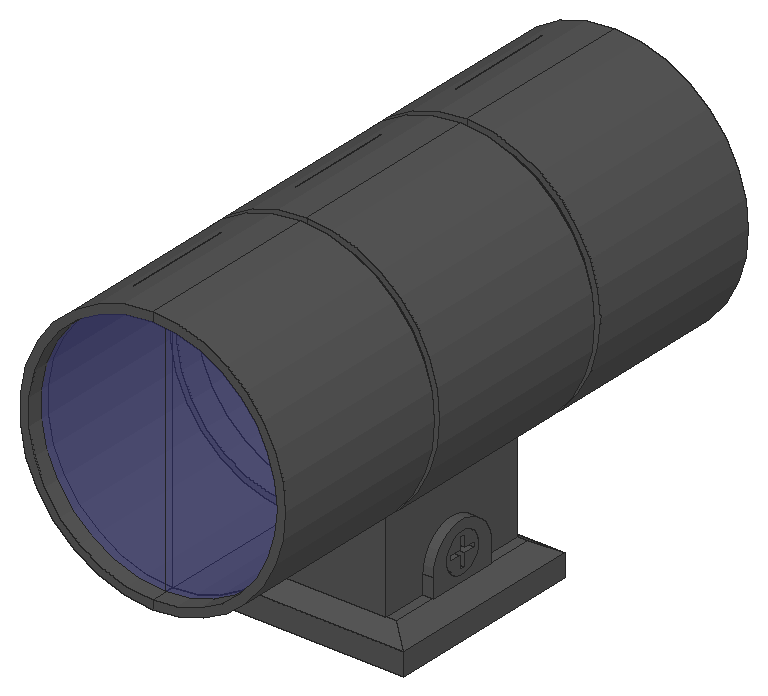
Revit family "CARLO CYLINDER LIGHT WALL MOUNT", category Lighting Fixtures, host Face, Revit 2020 (continued)
Types (10): name | Wattage_Input | Wattage Comments | Wattage | Photometric Web File | built-in parameter 1150142 | Model | built-in parameter 1150105 | Lumens | Light Length 1 | LIGHT RADIUS | LIGHT PLACEMENT | LIGHT LENGTH | LIGHT DIA | built-in parameter 1150106 | FIXED END HEIGHT | Curve base Height | Base Curve | BEAMING ANGLE | Apparent Load
    0.45964 0.5632 0.67636 0.85158 1.022 1.1142 1.2003 1.3565 1.4977 1.5389 \r\n 1.5554 1.6154 1.6557 1.6203 1.5582 1.508 1.445 1.3453 1.2438 1.1692 \r\n 1.1169 1.0948 1.0943 1.1052 1.1406 1.2153 1.3138 1.4228 1.551 1.7059 \r\n 1.8774 2.0536 2.2468 2.4719 2.7086 2.933 3.171 3.4501 3.7417 4.0158 \r\n 4.3047 4.6431 4.9933 5.3185 5.6512 6.0196 6.4002 6.773 7.156 7.5663 \r\n 7.9857 8.3968 8.8145 9.2504 9.6974 10.15 10.615 11.103 11.602 12.095 \r\n 12.612 13.189 13.787 14.37 14.969 15.604 16.277 17.017 17.764 18.448 \r\n 19.13 19.757 20.608 21.947 23.779 26.021 29.21 32.869 39.952 53.822 \r\n 72.778 96.819 124.23 153.51 184.03 214.59 245.33 276.28 306.55 335.39 \r\n 362.45 387.7 409.37 425.33 436.69 442.87 446.86 451.9 456.69 460.97 \r\n 464.8 467.98 470.92 473.98 477.1 480.31 483.7 487.37 491.38 495.7 \r\n 500.72 506.73 513.96 522.63 533.04 545.37 560.17 577.66 598.97 625.43 \r\n 656.61 692.9 733.16 776.38 822.63 871.86 923.44 976.46 1031.7 1090.3 \r\n 1150.4 1211.2 1271.3 1329 1385.7 1442.6 1498.7 1553.4 1606.7 1658 \r\n 1708 1757.6 1806 1852 1897.3 1943.8 1990.3 2037 2082.7 2126.1 \r\n 2167.2 2205.6 2241.1 2273.3 2302.2 2328 2350.3 2368.5 2383 2393.7 \r\n 2401.3 2406.5 2409.8 2411.6 2412.8 2414.6 2416.1 2416.7 2417 2417.5 \r\n 2421.2 \r\n2410.7 2420.7 2422.3 2424.1 2425.5 2426.3 2426.6 2426.8 2426.6 2426 \r\n 2424.3 2421.1 2415.7 2408 2397.1 2381.9 2363.1 2341.3 2316.1 2286.9 \r\n 2254.6 2219.9 2182.2 2140.9 2096.8 2050.2 2002.2 1953.8 1905.2 1857 \r\n 1808.6 1759.3 1709.1 1657.7 1605.1 1551.3 1497 1443.4 1389.4 1334.5 \r\n 1278.7 1221.9 1164.5 1106.3 1048.4 991.02 935.32 882.55 832.22 783.77 \r\n 738.66 698.15 662.27 631.63 605.73 584.65 567.23 552.37 539.94 529.54 \r\n 520.89 513.67 507.65 502.59 498.21 494.15 490.42 486.95 483.68 480.51 \r\n 477.47 474.74 471.68 467.39 462.85 459 455.15 451.96 446.35 435.04 \r\n 419.27 398.89 374.82 347.57 318.26 288.25 257.42 225.84 194.26 162.85 \r\n 133.33 108.15 85.251 61.593 42.491 34.415 30.867 27.077 24.336 22.401 \r\n 21.102 20.283 19.659 18.832 17.991 17.187 16.446 15.85 15.289 14.658 \r\n 14.027 13.434 12.872 12.36 11.867 11.362 10.867 10.393 9.9327 9.4822 \r\n 9.0392 8.5978 8.1647 7.7444 7.3377 6.9496 6.5717 6.1927 5.8258 5.4868 \r\n 5.1559 4.8088 4.4746 4.1812 3.9072 3.6384 3.3801 3.1336 2.8961 2.6622 \r\n 2.4408 2.2408 2.0566 1.8833 1.7271 1.593 1.4798 1.3892 1.3187 1.2648 \r\n 1.2328 1.2277 1.247 1.289 1.3569 1.4686 1.578 1.6319 1.6691 1.7275 \r\n 1.7566 1.6932 1.6134 1.6072 1.5691 1.3788 1.1765 1.1052 1.0352 0.84517 \r\n 0.65218 0.56068 0.48711 0.36611 0.24753 0.16553 0.10182 0.046628 0.0085908 0 \r\n 0.000073 0 0 0 0.00023257 0.026287 0.067865 0.1184 0.19228 0.3131 \r\n 0.44671 0.55527 0.67349 0.84115 1.0052 1.107 1.2027 1.3522 1.4862 1.5357 \r\n 1.5601 1.6118 1.6426 1.6109 1.5545 1.504 1.4401 1.3435 1.2449 1.1678 \r\n 1.1141 1.0984 1.106 1.1226 1.1613 1.2347 1.33 1.4357 1.5608 1.7138 \r\n 1.8844 2.0618 2.2558 2.4785 2.713 2.9396 3.1789 3.452 3.7378 4.0136 \r\n 4.3047 4.6399 4.9859 5.3088 5.6403 6.0085 6.3903 6.7665 7.1528 7.5636 \r\n 7.9839 8.3997 8.8224 9.2604 9.7086 10.162 10.629 11.118 11.619 12.112 \r\n 12.627 13.201 13.797 14.377 14.974 15.609 16.277 16.99 17.719 18.433 \r\n 19.148 19.775 20.605 21.863 23.651 26.046 29.343 32.849 39.607 52.846 \r\n 71.314 95.715 123.42 151.95 181.62 212.08 242.9 273.71 303.87 332.67 \r\n 359.84 385.5 407.74 424.42 436.42 442.88 446.96 451.89 456.57 461.04 \r\n 465.09 468.3 471.23 474.28 477.4 480.63 484.04 487.69 491.65 495.95 \r\n 500.92 506.82 513.93 522.54 532.86 545.01 559.58 576.81 597.82 623.97 \r\n 654.82 690.74 730.67 773.72 819.81 868.75 920.06 973.03 1028.3 1086.8 \r\n 1146.9 1207.4 1267.5 1325.2 1382 1439.1 1495.5 1550.1 1603.3 1654.9 \r\n 1705.3 1755.1 1803.7 1849.8 1895.3 1941.7 1988.2 2034.7 2080.3 2123.8 \r\n 2165 2203.4 2238.8 2271 2300.1 2326.3 2349.1 2367.8 2382.6 2393.7 \r\n 2401.6 2406.9 2410.2 2412.1 2413.3 2414.8 2416.1 2416.7 2417.1 2417.5 \r\n 2421.2 \r\n2410.7 2420.6 2422.2 2423.9 2425.4 2426.1 2426.4 2426.5 2426.1 2425.2 \r\n 2423.2 2419.6 2414 2406.1 2394.9 2379.1 2359.8 2337.6 2311.9 2282.2 \r\n 2249.3 2214.2 2176.3 2134.7 2090.5 2044 1996.4 1948.7 1900.6 1852.3 \r\n 1803.6 1754.5 1704.5 1652.5 1599.4 1545.6 1491.3 1437.5 1383.2 1327.9 \r\n 1271.8 1215 1157.5 1099.5 1041.7 984.66 929.34 876.92 826.94 778.84 \r\n 734.1 693.99 658.56 628.51 603.17 582.43 565.28 550.72 538.57 528.33 \r\n 519.82 512.8 506.96 501.98 497.64 493.63 489.94 486.49 483.23 480.08 \r\n 477.07 474.45 471.46 467.06 462.4 458.56 454.72 451.47 445.59 433.5 \r\n 416.86 395.84 371.37 344.24 315.1 284.77 253.61 222.1 190.69 159.52 \r\n 130 103.82 80.243 57.859 40.362 32.904 29.698 26.29 23.846 22.095 \r\n 20.897 20.098 19.462 18.647 17.825 17.051 16.336 15.736 15.165 14.537 \r\n 13.911 13.32 12.76 12.251 11.76 11.256 10.763 10.301 9.851 9.397 \r\n 8.9522 8.5294 8.114 7.6887 7.275 6.8975 6.5299 6.1444 5.7703 5.4392 \r\n 5.117 4.7672 4.4294 4.1407 3.8718 3.602 3.3424 3.0992 2.8653 2.6319 \r\n 2.4103 2.2106 2.027 1.8552 1.7007 1.5674 1.4558 1.3685 1.3028 1.2548 \r\n 1.231 1.2397 1.2716 1.3169 1.3857 1.5023 1.6138 1.6592 1.6876 1.7485 \r\n 1.7792 1.704 1.612 1.6063 1.5702 1.3725 1.1629 1.0941 1.0272 0.83259 \r\n 0.63525 0.54746 0.4777 0.35275 0.22994 0.14949 0.08952 0.039074 0.0054997 0 \r\n 0.000049 0 0 0 0.0004458 0.027141 0.069608 0.12236 0.19624 0.30835 \r\n 0.43446 0.54896 0.67319 0.83248 0.98919 1.1013 1.2073 1.3494 1.4754 1.5333 \r\n 1.5654 1.6081 1.6283 1.5995 1.5485 1.4981 1.434 1.341 1.2455 1.1662 \r\n 1.1116 1.1031 1.1197 1.1435 1.1867 1.259 1.3508 1.4529 1.5747 1.7258 \r\n 1.8956 2.074 2.2689 2.4892 2.7216 2.9505 3.1912 3.4585 3.7384 4.0159 \r\n 4.3092 4.6413 4.9834 5.3041 5.6344 6.0026 6.3856 6.7658 7.1561 7.5672 \r\n 7.9883 8.4102 8.8392 9.2791 9.7281 10.184 10.653 11.144 11.645 12.136 \r\n 12.649 13.221 13.813 14.389 14.981 15.614 16.275 16.965 17.679 18.427 \r\n 19.177 19.801 20.608 21.808 23.576 26.129 29.547 32.942 39.423 52.068 \r\n 70.077 94.853 122.86 150.59 179.39 209.77 240.69 271.41 301.46 330.2 \r\n 357.45 383.48 406.25 423.58 436.18 442.91 447.07 451.9 456.49 461.14 \r\n 465.38 468.64 471.55 474.6 477.71 480.98 484.42 488.03 491.95 496.23 \r\n 501.17 506.95 513.94 522.49 532.73 544.7 559.03 576.01 596.75 622.6 \r\n 653.14 688.69 728.32 771.25 817.25 865.92 917.02 970 1025.3 1083.8 \r\n 1143.8 1204.2 1264 1321.7 1378.6 1436.1 1492.7 1547.1 1600.2 1652.1 \r\n 1702.9 1752.9 1801.6 1847.9 1893.6 1939.9 1986.3 2032.8 2078.2 2121.9 \r\n 2163.2 2201.5 2236.9 2269 2298.2 2324.9 2348.1 2367.2 2382.5 2393.8 \r\n 2402 2407.3 2410.6 2412.6 2413.8 2415.1 2416.1 2416.7 2417.2 2417.6 \r\n 2421.2 \r\n2410.7 2420.6 2422 2423.7 2425.2 2425.9 2426.1 2426.2 2425.6 2424.4 \r\n 2422 2418.2 2412.3 2404.1 2392.5 2376.2 2356.3 2333.7 2307.7 2277.4 \r\n 2244 2208.5 2170.3 2128.4 2084 2037.8 1990.5 1943.6 1896.1 1847.6 \r\n 1798.6 1749.7 1699.7 1647.3 1593.7 1539.9 1485.7 1431.6 1377 1321.3 \r\n 1264.9 1208 1150.6 1092.6 1035 978.33 923.41 871.3 821.63 773.91 \r\n 729.58 689.87 654.88 625.43 600.65 580.24 563.35 549.1 537.22 527.15 \r\n 518.78 511.96 506.3 501.39 497.09 493.12 489.47 486.04 482.79 479.66 \r\n 476.69 474.16 471.24 466.75 461.97 458.13 454.23 450.81 444.57 431.67 \r\n 414.17 392.53 367.68 340.64 311.66 281.05 249.6 218.17 186.97 156.16 \r\n 126.75 99.516 75.214 54.214 38.425 31.525 28.577 25.541 23.401 21.83 \r\n 20.725 19.934 19.277 18.474 17.673 16.93 16.238 15.632 15.049 14.423 \r\n 13.803 13.215 12.659 12.151 11.662 11.159 10.67 10.218 9.7782 9.3207 \r\n 8.8743 8.4693 8.0709 7.6408 7.2204 6.8525 6.4946 6.1037 5.7235 5.3988 \r\n 5.084 4.7327 4.3926 4.1076 3.8425 3.5719 3.3111 3.0703 2.8392 2.6065 \r\n 2.3849 2.185 2.0015 1.8311 1.6782 1.5459 1.4357 1.3508 1.2887 1.2456 \r\n 1.2289 1.2502 1.2937 1.3421 1.4112 1.5299 1.6414 1.6802 1.7018 1.7635 \r\n 1.7947 1.7114 1.6108 1.6019 1.5644 1.3648 1.1536 1.0832 1.015 0.81939 \r\n 0.62162 0.53484 0.46571 0.33832 0.21349 0.1347 0.078011 0.031972 0.0025512 0 \r\n 0.000024 0 0 0 0.00065757 0.028151 0.071777 0.12718 0.20149 0.3051 \r\n 0.42384 0.54429 0.67455 0.82577 0.9753 1.0968 1.2124 1.3471 1.4652 1.5305 \r\n 1.5696 1.6033 1.6132 1.5865 1.5401 1.49 1.4263 1.3366 1.2443 1.1639 \r\n 1.1091 1.1075 1.1328 1.1644 1.213 1.2843 1.3729 1.4717 1.5904 1.7398 \r\n 1.909 2.0885 2.2843 2.5024 2.7329 2.9641 3.2064 3.4685 3.7433 4.0224 \r\n 4.3179 4.6476 4.9864 5.3053 5.6347 6.0027 6.3871 6.7714 7.1658 7.5773 \r\n 7.9994 8.4274 8.8628 9.3044 9.7542 10.213 10.684 11.176 11.677 12.167 \r\n 12.677 13.246 13.835 14.406 14.993 15.621 16.277 16.947 17.653 18.435 \r\n 19.221 19.838 20.628 21.803 23.584 26.293 29.838 33.187 39.477 51.636 \r\n 69.258 94.362 122.62 149.62 177.62 207.93 238.94 269.59 299.56 328.22 \r\n 355.49 381.81 405 422.91 436.02 442.99 447.24 451.99 456.49 461.3 \r\n 465.72 469 471.9 474.95 478.07 481.36 484.83 488.41 492.29 496.55 \r\n 501.46 507.14 514.02 522.52 532.69 544.49 558.61 575.38 595.89 621.49 \r\n 651.75 687 726.38 769.25 815.23 863.71 914.66 967.71 1023.1 1081.6 \r\n 1141.5 1201.7 1261.4 1319 1376 1433.7 1490.5 1544.8 1597.8 1650 \r\n 1701.1 1751.3 1800 1846.5 1892.3 1938.7 1985 2031.4 2076.8 2120.5 \r\n 2161.9 2200.1 2235.4 2267.6 2296.8 2323.8 2347.5 2366.9 2382.6 2394.2 \r\n 2402.5 2407.9 2411.2 2413.2 2414.4 2415.4 2416.1 2416.8 2417.3 2417.7 \r\n 2421.2 \r\n2410.7 2420.6 2421.9 2423.5 2424.9 2425.5 2425.7 2425.7 2425.1 2423.5 \r\n 2420.8 2416.7 2410.6 2402 2390 2373.2 2352.8 2329.7 2303.2 2272.4 \r\n 2238.4 2202.6 2164 2121.9 2077.4 2031.3 1984.4 1938.1 1891.3 1842.7 \r\n 1793.3 1744.5 1694.5 1641.6 1587.6 1533.8 1479.6 1425.4 1370.5 1314.4 \r\n 1257.7 1200.6 1143.2 1085.3 1027.9 971.69 917.22 865.37 815.97 768.68 \r\n 724.83 685.57 651.07 622.24 598.03 577.98 561.36 547.44 535.84 525.96 \r\n 517.75 511.13 505.63 500.8 496.55 492.63 489.02 485.6 482.37 479.27 \r\n 476.32 473.88 471 466.42 461.51 457.64 453.64 449.92 443.17 429.45 \r\n 411.11 388.89 363.68 336.66 307.76 276.96 245.35 213.98 182.98 152.69 \r\n 123.54 95.377 70.429 50.844 36.752 30.347 27.581 24.875 23.011 21.605 \r\n 20.586 19.795 19.11 18.316 17.534 16.821 16.153 15.539 14.942 14.319 \r\n 13.705 13.122 12.569 12.063 11.575 11.073 10.587 10.145 9.7126 9.2524 \r\n 8.8046 8.4143 8.0301 7.5963 7.1704 6.8102 6.4603 6.0664 5.6825 5.3622 \r\n 5.0527 4.7016 4.361 4.0787 3.8162 3.5453 3.2839 3.0446 2.8153 2.584 \r\n 2.3632 2.163 1.9793 1.8105 1.6597 1.529 1.4204 1.3371 1.2773 1.2378 \r\n 1.2268 1.2583 1.3113 1.3631 1.4326 1.5502 1.6592 1.694 1.7117 1.7716 \r\n 1.8006 1.7146 1.6099 1.5929 1.5497 1.3545 1.148 1.0714 0.9968 0.80448 \r\n 0.61096 0.52216 0.45018 0.32274 0.19896 0.12168 0.067391 0.025473 0 0 \r\n 0 0 0 0 0.00082748 0.028975 0.073662 0.13173 0.20681 0.30334 \r\n 0.41583 0.5413 0.67665 0.82125 0.9647 1.0936 1.2163 1.3444 1.4555 1.5264 \r\n 1.5708 1.5967 1.5978 1.5722 1.5291 1.4794 1.4162 1.3296 1.2404 1.16 \r\n 1.1062 1.1103 1.1429 1.1819 1.2359 1.3069 1.3928 1.4893 1.6057 1.754 \r\n 1.9229 2.1036 2.3003 2.5166 2.7455 2.9789 3.2229 3.4814 3.7524 4.033 \r\n 4.3305 4.6587 4.9954 5.3131 5.6419 6.0101 6.3957 6.7836 7.1817 7.594 \r\n 8.0173 8.4506 8.8911 9.3343 9.7851 10.246 10.719 11.213 11.713 12.201 \r\n 12.709 13.276 13.863 14.429 15.01 15.635 16.286 16.944 17.648 18.464 \r\n 19.283 19.889 20.67 21.868 23.708 26.562 30.238 33.624 39.845 51.692 \r\n 69.053 94.373 122.77 149.19 176.57 206.81 237.89 268.48 298.38 326.94 \r\n 354.19 380.66 404.14 422.48 436 443.17 447.49 452.19 456.64 461.57 \r\n 466.12 469.42 472.31 475.36 478.48 481.8 485.28 488.83 492.66 496.92 \r\n 501.8 507.41 514.2 522.65 532.75 544.41 558.38 575.01 595.37 620.79 \r\n 650.87 685.92 725.14 768.02 814.03 862.44 913.32 966.51 1022.1 1080.6 \r\n 1140.4 1200.4 1260 1317.5 1374.5 1432.4 1489.4 1543.6 1596.5 1648.9 \r\n 1700.3 1750.5 1799.3 1845.9 1891.7 1938.1 1984.4 2030.8 2076.2 2119.9 \r\n 2161.3 2199.5 2234.8 2266.9 2296.2 2323.4 2347.3 2367.1 2383 2394.7 \r\n 2403.1 2408.5 2411.7 2413.8 2415 2415.8 2416.3 2416.9 2417.5 2417.9 \r\n 2421.2 \r\n2410.7 2420.6 2421.8 2423.1 2424.3 2424.9 2425.1 2425.1 2424.4 2422.7 \r\n 2419.7 2415.5 2409 2399.7 2387 2369.5 2348.5 2324.8 2297.7 2266.3 \r\n 2231.8 2195.5 2156.4 2114.1 2069.5 2023.3 1976.5 1930.5 1883.9 1835.6 \r\n 1786.4 1736.9 1686.2 1633.1 1579.1 1525.2 1470.9 1416.4 1361.3 1305.1 \r\n 1248.2 1191 1133.5 1075.6 1018.4 962.77 908.88 857.2 807.99 761.28 \r\n 718.16 679.7 646.03 617.97 594.47 574.97 558.83 545.36 534.15 524.58 \r\n 516.62 510.18 504.83 500.16 496.03 492.2 488.64 485.28 482.08 478.98 \r\n 476.04 473.65 470.77 465.96 460.79 456.87 452.69 448.32 440.75 426.15 \r\n 407.02 384.34 358.82 331.4 302.29 271.85 240.66 209.17 178.2 148.92 \r\n 120.78 92.475 67.401 48.84 35.865 29.823 27.167 24.537 22.714 21.411 \r\n 20.481 19.708 19.014 18.207 17.416 16.724 16.079 15.46 14.855 14.233 \r\n 13.623 13.044 12.495 11.993 11.508 11.005 10.516 10.076 9.6459 9.1868 \r\n 8.7393 8.3473 7.9615 7.5285 7.1043 6.7448 6.3972 6.0115 5.6351 5.3136 \r\n 5.0023 4.6567 4.3223 4.041 3.7791 3.5123 3.2544 3.0137 2.7834 2.5574 \r\n 2.3425 2.1438 1.9614 1.7966 1.651 1.5268 1.4235 1.3404 1.2793 1.239 \r\n 1.2274 1.2586 1.3132 1.3727 1.4472 1.5544 1.6528 1.6941 1.7173 1.7616 \r\n 1.7775 1.7066 1.6143 1.5707 1.5033 1.3324 1.1508 1.0524 0.95459 0.77974 \r\n 0.60625 0.50609 0.42098 0.30384 0.19304 0.11522 0.058581 0.020887 0 0 \r\n 0 0 0 0 0.00051623 0.026524 0.069314 0.12777 0.20408 0.30224 \r\n 0.41574 0.53956 0.67327 0.81964 0.96409 1.0886 1.2062 1.3321 1.4416 1.5095 \r\n 1.5515 1.5773 1.5791 1.5529 1.5091 1.4585 1.3949 1.3086 1.221 1.1459 \r\n 1.0966 1.0989 1.129 1.1698 1.2267 1.2995 1.3873 1.4862 1.6046 1.7533 \r\n 1.9226 2.1058 2.3047 2.52 2.7477 2.9827 3.2292 3.4901 3.7635 4.0453 \r\n 4.3442 4.6751 5.0145 5.3334 5.6628 6.0316 6.4174 6.804 7.2017 7.6184 \r\n 8.045 8.4737 8.9094 9.3547 9.8084 10.267 10.739 11.234 11.737 12.223 \r\n 12.729 13.298 13.888 14.456 15.04 15.661 16.314 16.991 17.718 18.554 \r\n 19.389 19.971 20.783 22.194 24.282 27.253 31.079 34.806 41.414 53.674 \r\n 71.257 96.188 124.18 150.83 178.5 208.61 239.46 269.94 299.72 328.14 \r\n 355.2 381.35 404.56 422.92 436.55 443.74 448.09 452.87 457.38 462.27 \r\n 466.77 470.04 472.92 475.97 479.09 482.4 485.85 489.35 493.14 497.37 \r\n 502.24 507.88 514.69 523.07 533.1 544.78 558.82 575.57 596.07 621.57 \r\n 651.76 687.08 726.58 769.6 815.76 864.45 915.62 969.01 1024.7 1083.3 \r\n 1143.1 1203.2 1262.7 1320.3 1377.2 1434.9 1491.8 1546.3 1599.4 1651.7 \r\n 1702.9 1753.1 1801.8 1848.1 1893.7 1940.1 1986.4 2033.1 2078.7 2122 \r\n 2163 2201.3 2236.7 2268.8 2298 2325 2348.8 2368.4 2384.2 2395.9 \r\n 2404.1 2409.4 2412.6 2414.5 2415.5 2416.3 2416.8 2417.5 2418 2418.2 \r\n 2421.2 \r\n2410.7 2420.6 2421.7 2422.8 2423.7 2424.2 2424.4 2424.4 2423.6 2421.8 \r\n 2418.7 2414.3 2407.5 2397.5 2383.8 2365.7 2344 2319.6 2291.9 2260 \r\n 2225 2188.1 2148.5 2106 2061.3 2015 1968.1 1922.3 1876 1828.1 \r\n 1779 1728.7 1677.2 1624.1 1570.1 1516 1461.6 1406.9 1351.7 1295.3 \r\n 1238.2 1180.8 1123.2 1065.4 1008.4 953.36 900.07 848.56 799.55 753.47 \r\n 711.15 673.56 640.75 613.5 590.74 571.84 556.21 543.2 532.39 523.16 \r\n 515.48 509.22 504 499.49 495.51 491.76 488.27 484.95 481.79 478.7 \r\n 475.75 473.39 470.47 465.43 460 456.01 451.62 446.46 437.92 422.42 \r\n 402.53 379.45 353.64 325.72 296.33 266.32 235.65 204.04 173.1 144.91 \r\n 117.9 89.723 64.762 47.204 35.247 29.517 26.92 24.308 22.477 21.254 \r\n 20.404 19.644 18.941 18.117 17.313 16.639 16.014 15.391 14.777 14.157 \r\n 13.551 12.977 12.433 11.935 11.453 10.948 10.456 10.015 9.5854 9.1282 \r\n 8.6813 8.2837 7.8926 7.4616 7.0406 6.6795 6.3322 5.9571 5.5906 5.2657 \r\n 4.9505 4.612 4.2854 4.0042 3.7417 3.4795 3.2259 2.9831 2.7512 2.531 \r\n 2.3228 2.1259 1.9449 1.7845 1.6444 1.5274 1.4296 1.3464 1.2831 1.2408 \r\n 1.2272 1.2556 1.3094 1.3769 1.4567 1.5511 1.6373 1.6875 1.7185 1.7452 \r\n 1.7458 1.694 1.6179 1.5447 1.4502 1.3076 1.155 1.0321 0.90788 0.75325 \r\n 0.60282 0.48948 0.38921 0.28423 0.18869 0.11028 0.050606 0.016673 0 0 \r\n 0 0 0 0 0.00020738 0.02405 0.0649 0.12347 0.20116 0.30281 \r\n 0.41888 0.53971 0.67046 0.82048 0.96752 1.0853 1.1952 1.3202 1.4294 1.4924 \r\n 1.5301 1.5575 1.5619 1.5341 1.488 1.4366 1.3728 1.2862 1.2 1.1313 \r\n 1.0873 1.0866 1.1126 1.1544 1.2137 1.2889 1.3794 1.4817 1.6032 1.7528 \r\n 1.9229 2.1087 2.3097 2.5245 2.7516 2.988 3.2369 3.5019 3.7791 4.062 \r\n 4.3619 4.6965 5.0397 5.3604 5.6908 6.0605 6.4465 6.8313 7.2281 7.6494 \r\n 8.0795 8.5026 8.9323 9.3796 9.8361 10.293 10.762 11.259 11.764 12.248 \r\n 12.7
